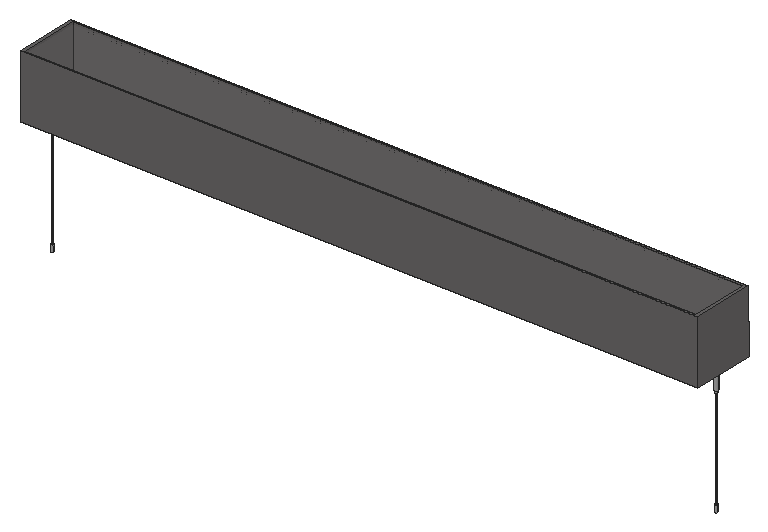
Revit family "4L-P-ID", category Lighting Fixtures, host Face, Revit 2013
Parameters (values of type "4L-P-ID-C6")
  Watts = 56 VA  # 56 W
  Wattage Comments = "Variable Intensity technology provides specifiable lumen output/wattage"  # constant formula
  Voltage = 120 V
  Uplight distribution = "Low Peak Angle"  # constant formula
  URL = "http://www.litecontrol.com/"
  Reflector Finish = Hubbell-White Glass
  Product Page URL = "http://www.litecontrol.com/products/mod_4_led_pendant_indirectdirect"
  Product Material = Paint - Hubbell - Textured Camera Black
  Product Documentation Link = "http://cdn.litecontrol.com/content/products/specs/specs_files/4L-P-ID.pdf"
  Power Factor = 1
  Pendent Height = 9"
  Model = "4L-P-ID"  # constant formula
  Manufacturer Phone = "781-294-0100"  # constant formula
  Manufacturer Fax = "781-293-2849"  # constant formula
  Manufacturer = "LITECONTROL"  # constant formula
  Load Classification = Lighting
  Lamp = "LED"  # constant formula
  Indirect Output/ft = "I120-1200"  # constant formula
  Fixture Length = MOD 4 : 4'
  Downlight diffuser = "Downlight diffuser"  # constant formula
  Direct Output/ft = "D110-1100"  # constant formula
  Description = "MOD 4 LED Pendant Indirect/Direct"  # constant formula
  Default Elevation = 48"
  Connector Description = "Lighting Connector"  # constant formula
  Apparent Load = Watts / Power Factor  # 56 VA
Types (7): name | Product Material
  (no name) | Paint - Hubbell - Textured Camera Black
  4L-P-ID-C1 | Paint - Hubbell - Matte White
  4L-P-ID-C2 | Paint - Hubbell - Textured Matte White
  4L-P-ID-C3 | Paint - Hubbell - Light Silver
  4L-P-ID-C4 | Paint - Hubbell - Machined Aluminum
  4L-P-ID-C5 | Paint - Hubbell - Carbon Black
  4L-P-ID-C6 | Paint - Hubbell - Textured Camera Black
Reference planes (in)
  plane 1 "Center (Front/Back)": y = 0
  plane 2: z = 0
  plane 3 "Center (Left/Right)": x = 0
Forms (in)
  Extrusion 1, void
    sketch origin (0, 0, 0) x (1, 0, 0) y (0, 1, 0)
      loop
        circle (0, 0) r 3.125
    from -1.25 to 0
Dimensions and locks (in)
  radius of Extrusion 1 sketch curve = 3 1/8"
  aligned and locked: plane 2 to host face
  aligned and locked: level to host face
  aligned and locked: level to Extrusion 1
  aligned and locked: plane 1 "Center (Front/Back)" to nested 1
  aligned and locked: plane 3 "Center (Left/Right)" to nested 1
Nested families (in)
  nested 1: "MOD 4" at (0, 0, 0), type <- "Fixture Length", Pendent Height <- "Pendent Height", Product Material <- "Product Material", type "4'"
    with Product Material Paint - Hubbell - Textured Camera Black, Pendent Height 9"
Connectors (in)
  electrical at (0, 0, 9), driven by "Connector Description", driven by "Apparent Load", driven by "Voltage", driven by "Load Classification", driven by "Power Factor"
    settings: on nested 1, index 1, voltage 120 V, apparent load 56 VA, apparent load phase1 0 VA, apparent load phase2 0 VA, apparent load phase3 0 VA, power factor 1, load classification "Lighting", number of poles 1, system type 30, power factor state 1, is connector primary yes, connector utility no, sub classification motor no, connector description "Lighting Connector"
Definition of nested family "MOD 4"
  Parameters (values of type "8'")
    Width = 4.43"  # constant formula
    Wattage Comments = "17"
    Wattage = 56 W
    built-in parameter 1150110 = 1 (stored number, unit not read)
    URL = "http://www.columbialighting.com/"
    built-in parameter 1114217 = 1 (stored number, unit not read)
    Tilt Angle = 90.00°  # constant formula
    built-in parameter 1150109 = 1 (stored number, unit not read)
    built-in parameter 1150134 = (empty or 0)
    built-in parameter 1150113 = 1 (stored number, unit not read)
    Reflector Finish = Hubbell - White Glass
    Product Material [instance] = none
    Photometric Web File = "4L-P-ID-LPA-4-SOF-X-CX-35K-I120-D030.IES"
    Pendent Height [instance] = 6.85998"
    Pendant Material = Metal - Hubbell - Stainless Steel
    Model = "4L-P-ID"  # constant formula
    Manufacturer = "LITECONROL"  # constant formula
    built-in parameter 1150105 = 476.83 (stored number, unit not read)
    Lumens = 5992 lm
    built-in parameter 1150115 = 1 (stored number, unit not read)
    Load Classification = Lighting
    built-in parameter 1150137 = (empty or 0)
    built-in parameter 1150139 = (empty or 0)
    Length = 96"
    built-in parameter 1150112 = 1 (stored number, unit not read)
    built-in parameter 1150114 = 1 (stored number, unit not read)
    Lamp = "24\" T8 Lamp"
    built-in parameter 1150132 = (empty or 0)
    built-in parameter 1150102 = (empty or 0)
    built-in parameter 1150107 = 3500 (stored number, unit not read)
    built-in parameter 1150138 = (empty or 0)
    built-in parameter 1150106 = 4.7683 (stored number, unit not read)
    Height = 4 1/2"  # constant formula
    Emit from Rectangle Width = Length - 2"  # 94"
    Emit from Rectangle Length = 4"  # constant formula
    Emit Shape Visible in Rendering = no
    built-in parameter 1150104 = 9.9406 (stored number, unit not read)
    Dimming Lamp Color Temperature Shift = (empty or 0)
    Description = ""  # constant formula
    Default Elevation = 48"
    Color Filter = 16777215
    built-in parameter 1114218 = 1 (stored number, unit not read)
    built-in parameter 1150133 = 10 (stored number, unit not read)
    Apparent Load = 0 VA  # constant formula
  Types (6): name | Pendent Height | Length | Emit from Rectangle Width
    2' | 20" | 24" | 22"
    3' | 6.85998" | 36" | 34"
    4' | 6.85998" | 48" | 46"
    5' | 6.85998" | 60" | 58"
    6' | 6.85998" | 72" | 70"
    8' | 6.85998" | 96" | 94"
  Reference planes (in)
    plane 1 "Center (Front/Back)": y = 0
    plane 2: z = 0
    plane 3 "Center (Left/Right)": x = 0
    plane 4: x = -48
    plane 5: x = 48
    plane 6: x = -47.75
    plane 7: x = 47.75
    plane 8: y = -2.215
    plane 9: y = 2.215
    plane 10: z = 6.85998
    plane 11: z = 11.10998
    plane 12: x = 47.5
    plane 13: x = -47.5
    plane 14: z = 11.23498
    plane 15: z = 11.10998
    plane 16: z = 11.35998
  Forms (in)
    Extrusion 1, solid
      sketch origin (0, 0, 0) x (1, 0, 0) y (0, 1, 0)
        loop
          line (-48, 48) -> (-48, -48) -> (48, -48) -> (48, 48) -> (-48, 48)
      from 0 to -1.25
    Extrusion 2, solid, material <- "Product Material"
      sketch origin (0, 0, 0) x (0, 1, 0) y (0, 0, -1)
        loop
          line (2.215, -6.85998) -> (-2.215, -6.85998) -> (-2.215, -11.35998) -> (2.215, -11.35998) -> (2.215, -6.85998)
      from -48 to -47.75
    Extrusion 3, solid, material <- "Product Material"
      sketch origin (-47.9375, 0, 0) x (0, 1, 0) y (0, 0, -1)
        loop
          line (2.215, -6.85998) -> (-2.215, -6.85998) -> (-2.215, -11.35998) -> (2.215, -11.35998) -> (2.215, -6.85998)
      from -0.1875 to 0.0625
    Sweep 4, solid, material <- "Product Material"
      path origin (0, 0, 0) x (1, 0, 0) y (0, 1, 0)
        loop
          line (-47.75, 0) -> (47.75, 0)
      profile origin (0, 0, 0) x (0, 1, 0) y (0, 0, 1)
        loop
          line (2.12398, 11.35998) -> (2.12398, 6.99596) -> (-2.12398, 6.99596) -> (-2.12398, 11.35998) -> (-2.215, 11.35998) -> (-2.215, 6.85998) -> (2.215, 6.85998) -> (2.215, 11.35998) -> (2.12398, 11.35998)
    Revolve 5, solid, material "Metal - Hubbell - Stainless Steel" <- "Pendant Material"
      sketch origin (0, 0, 0) x (1, 0, 0) y (0, 0, 1)
        loop
          line (-47.5, 6.85998) -> (-47.5, 0) -> (-47.40361, 0) -> (-47.40361, 0.42177) -> (-47.47196, 0.42177) -> (-47.47196, 5.43695) -> (-47.41672, 5.43695) -> (-47.41672, 5.61188) -> (-47.34307, 5.61188) -> (-47.34307, 6.85998) -> (-47.5, 6.85998)
        axis (-47.5, 6.85998) -> (-47.5, 0)
      angle from 0 to 360
    Revolve 6, solid, material "Metal - Hubbell - Stainless Steel" <- "Pendant Material"
      sketch origin (0, 0, 0) x (-1, 0, 0) y (0, 0, -1)
        loop
          line (-47.5, -6.85998) -> (-47.34307, -6.85998) -> (-47.34307, -5.61188) -> (-47.41672, -5.61188) -> (-47.41672, -5.43695) -> (-47.47196, -5.43695) -> (-47.47196, -0.42177) -> (-47.40361, -0.42177) -> (-47.40361, 0) -> (-47.5, 0) -> (-47.5, -6.85998)
        axis (-47.5, -6.85998) -> (-47.5, 0)
      angle from 0 to 360
    Extrusion 7, solid, material "Hubbell - White Glass" <- "Reflector Finish"
      sketch origin (0, 0, 0) x (1, 0, 0) y (0, 1, 0)
        loop
          line (-47.75, 2.12398) -> (-47.75, -2.12398) -> (47.75, -2.12398) -> (47.75, 2.12398) -> (-47.75, 2.12398)
      from 11.23498 to 11.10998
  Cuts and joins
    joined: Extrusion 2, Extrusion 3, Sweep 4
  Dimensions and locks (in)
    equal spacing: plane 4, plane 3 "Center (Left/Right)", plane 5
    "Length": plane 4 to plane 5
    locked: plane 4 to plane 6 at 0.25
    locked: plane 7 to plane 5 at 0.25
    equal spacing: plane 8, plane 1 "Center (Front/Back)", plane 9
    "Width": plane 9 to plane 8
    "Pendent Height": plane 10 to plane 2
    locked: plane 4 to plane 13 at 0.5
    locked: plane 12 to plane 5 at 0.5
    locked: Sweep 4 sketch curve to Sweep 4 sketch curve at 0.09102  (x2)
    locked: plane 14 to plane 15 at 0.125
    "Height": plane 16 to plane 10
    locked: plane 16 to plane 14 at 0.125
    locked: plane 14 to plane 11 at 0.125
    aligned and locked: plane 2 to Extrusion 1
    aligned and locked: level to Extrusion 1
    aligned and locked: plane 5 to Extrusion 2
    aligned and locked: Extrusion 2 to plane 7
    aligned and locked: plane 1 "Center (Front/Back)" to Sweep 4 sketch curve
    aligned and locked: plane 6 to Sweep 4 sketch curve
    aligned and locked: plane 7 to Sweep 4 sketch curve
    aligned and locked: Extrusion 3 sketch curve to plane 10
    aligned and locked: Extrusion 3 sketch curve to plane 8
    aligned and locked: Extrusion 3 sketch curve to plane 9
    aligned and locked: Extrusion 2 sketch curve to plane 10
    aligned and locked: Extrusion 2 sketch curve to plane 9
    aligned and locked: Extrusion 2 sketch curve to plane 8
    aligned and locked: Extrusion 3 to plane 4
    aligned and locked: Extrusion 3 to Sweep 4
    aligned and locked: Sweep 4 to Extrusion 2
    aligned and locked: plane 6 to Extrusion 3
    aligned and locked: Extrusion 7 sketch curve to cut or joined group of Extrusion 2, Extrusion 3, Sweep 4  (x4)
    aligned and locked: plane 11 to imposter light
    aligned and locked: plane 9 to Sweep 4 sketch curve
    aligned and locked: Sweep 4 sketch curve to plane 8
    aligned and locked: imposter light to plane 3 "Center (Left/Right)"
    aligned and locked: imposter light to plane 1 "Center (Front/Back)"
    aligned and locked: plane 15 to Extrusion 7
    aligned and locked: plane 14 to Extrusion 7
  Automatic sketch dimensions
    Extrusion 1 sketch curve to Extrusion 1 sketch curve = 96"  (x2)
    Sweep 4 sketch curve to Sweep 4 sketch curve = 4.36402"
    Sweep 4 sketch curve to Sweep 4 sketch curve = 0.13598"
    Revolve 5 sketch curve to level = 0"
    Revolve 5 sketch curve to plane 13 = 0"  (x2)
    Revolve 5 sketch curve to plane 10 = 0"
    plane 13 to Revolve 5 sketch curve = 0.09639"
    level to Revolve 5 sketch curve = 0.42177"
    plane 13 to Revolve 5 sketch curve = 0.02804"
    Revolve 5 sketch curve to Revolve 5 sketch curve = 0.05524"
    Revolve 5 sketch curve to Revolve 5 sketch curve = 0.07365"
    Revolve 5 sketch curve to plane 10 = 1.42302"
    Revolve 5 sketch curve to Revolve 5 sketch curve = 0.17493"
    Revolve 5 sketch curve to Revolve 5 sketch curve = 9.16755"
    Revolve 6 sketch curve to level = 0"
    plane 12 to Revolve 6 sketch curve = 0"
    Revolve 6 sketch curve to plane 10 = 0"
    plane 12 to Revolve 6 sketch curve = 0.15693"
    Revolve 6 sketch curve to plane 10 = 1.2481"
    Revolve 6 sketch curve to plane 12 = 0"
    plane 12 to Revolve 6 sketch curve = 0.02804"
    Revolve 6 sketch curve to Revolve 6 sketch curve = 0.05524"
    Revolve 6 sketch curve to Revolve 6 sketch curve = 0.09639"
    Revolve 6 sketch curve to Revolve 6 sketch curve = 0.17493"
    level to Revolve 6 sketch curve = 0.42177"
    Revolve 6 sketch curve to Revolve 6 sketch curve = 9.16755"
    plane 14 to Extrusion 2 sketch curve = 1/8"
    plane 14 to Extrusion 3 sketch curve = 1/8"
    level to Sweep 4 sketch curve = 6.85998"
    Sweep 4 sketch curve to Sweep 4 sketch curve = 0"
    plane 14 to Revolve 5 sketch curve = 85.65997"
    plane 14 to Revolve 6 sketch curve = 85.65997"
